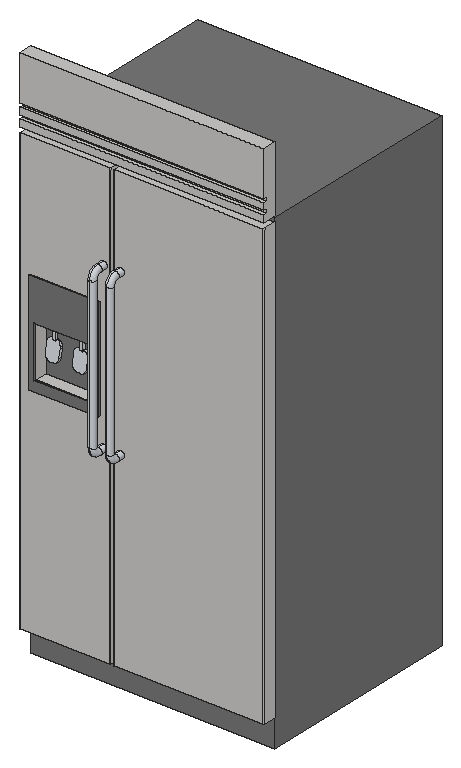
Revit family
Parameters (values of type "36" x 70"")
  Unit_Width = 2' - 11 3/4"
  Unit_Height = 5' - 9 1/2"
  Unit_Depth = 2' - 8 1/2"
  URL = "\r\n"
  Cover_Height = 0' - 10"
  Rigth_Door_width = 1' - 10"
  Model = ""
  Manufacturer = ""
  Label = "REF."
  Door_Height = Unit_Height - Base_Height - 0' 1"  # 5' - 5"
  Description = ""
  Bottom_of_dispenser = 3' - 0"
  Base_Height = 0' - 3 1/2"
  Assembly Code = ""
  Material = Metal - Stainless Steel
Reference planes (in)
  plane 1 "Center (Front/Back)": y = -1.5778
  plane 2 "Bottom": z = -2
  plane 3 "Center (Left/Right)": x = 0.15083
  plane 4 "Top": z = 69.5
  plane 5 "Bottom_of_Dispenser": z = 36
  plane 6 "Base height": z = 3.5
  plane 7 "Bottom_of_door": z = 4
  plane 8 "Front": y = -17.8278
  plane 9 "Left": x = -17.72417
  plane 10 "Right": x = 18.02583
  plane 11 "Right_Door_Width": x = -3.97417
  plane 12 "Left_Door_Edge": x = -4.47417
  plane 13 "Dispenser_Center_LR": x = -11.09917
  plane 14 "Top_of_cover": z = 79.5
  plane 15 "Back": y = 14.6722
  plane 16 "Left Handle": x = -5.47417
  plane 17 "Right Handle": x = -2.97417
Forms (in)
  Extrusion 1, solid, material "High Gloss Black"
    sketch origin (0, 0, 0) x (1, 0, 0) y (0, 1, 0)
      loop
        line (-17.72417, 14.6722) -> (-17.72417, -15.8278) -> (18.02583, -15.8278) -> (18.02583, 14.6722) -> (-17.72417, 14.6722)
    from 0 to 69.5 <- "Unit_Height"
  Extrusion 2, solid, material "Metal - Stainless Steel"
    sketch origin (0, 0, 4) x (0, -1, 0) y (1, 0, 0)
      loop
        line (15.8278, -3.97417) -> (17.7028, -3.97417)
        arc (17.7028, -3.97417) -> (17.79118, -3.93756) -> (17.8278, -3.84917) r 0.125
        line (17.8278, -3.84917) -> (17.8278, 17.90083)
        arc (17.8278, 17.90083) -> (17.79118, 17.98921) -> (17.7028, 18.02583) r 0.125
        line (17.7028, 18.02583) -> (15.8278, 18.02583) -> (15.8278, -3.97417)
    from 0 to 65 <- "Door_Height"
  Extrusion 3, solid, material "Metal - Stainless Steel"
    sketch origin (-18.91678, 0, 4) x (0, -1, 0) y (1, 0, 0)
      loop
        line (15.8278, 1.19261) -> (17.7028, 1.19261)
        arc (17.7028, 1.19261) -> (17.79118, 1.22922) -> (17.8278, 1.31761) r 0.125
        line (17.8278, 1.31761) -> (17.8278, 14.31761)
        arc (17.8278, 14.31761) -> (17.79118, 14.40599) -> (17.7028, 14.44261) r 0.125
        line (17.7028, 14.44261) -> (15.8278, 14.44261) -> (15.8278, 1.19261)
    from 0 to 65 <- "Door_Height"
  Extrusion 4, void
    sketch origin (-19.125, -17.8278, 48) x (1, 0, 0) y (0, 0, 1)
      loop
        line (3.67288, -2.9405) -> (3.67288, -10.60623) -> (12.37878, -10.60623) -> (12.37878, -2.9405) -> (3.67288, -2.9405)
    from 0.25 to -2.73466
  Extrusion 5, solid, material "High Gloss Black"
    sketch origin (-19.125, -17.8278, 48) x (-1, 0, 0) y (0, 0, 1)
      loop
        line (-2.94184, 3.05271) -> (-13.10981, 3.05271) -> (-13.10981, -12) -> (-2.94184, -12) -> (-2.94184, 3.05271)
    from 6.6072 to -0.25
  Extrusion 6, solid, material "Metal - Stainless Steel"
    sketch origin (18.02583, 0, 0) x (0, -1, 0) y (0, 0, 1)
      loop
        line (15.8278, 69.75239) -> (17.8278, 69.75239) -> (17.8278, 70.86741) -> (17.3278, 70.86741) -> (17.3278, 71.42491) -> (17.8278, 71.42491) -> (17.8278, 72.40055) -> (17.3278, 72.40055) -> (17.3278, 72.95806) -> (17.8278, 72.95806) -> (17.8278, 79.5) -> (15.8278, 79.5) -> (15.8278, 69.75239)
    from 0 to 35.75 <- "Unit_Width"
  Sweep 7, solid
    path origin (-5.47417, 0, 0) x (0, 0, 1) y (0, -1, 0)
      loop
        line (56, 17.8278) -> (56, 18.8278)
        arc (56, 18.8278) -> (55.70711, 19.5349) -> (55, 19.8278) r 1
        line (55, 19.8278) -> (33, 19.8278)
        arc (33, 19.8278) -> (32.29289, 19.5349) -> (32, 18.8278) r 1
        line (32, 18.8278) -> (32, 17.8278)
    profile origin (-5.47417, -18.3278, 56) x (0, 0, -1) y (1, 0, 0)
      loop
        circle (0, 0) r 0.5
  Sweep 8, solid
    path origin (-2.97417, 0, 0) x (0, 0, 1) y (0, -1, 0)
      loop
        line (56, 17.8278) -> (56, 18.8278)
        arc (56, 18.8278) -> (55.70711, 19.5349) -> (55, 19.8278) r 1
        line (55, 19.8278) -> (33, 19.8278)
        arc (33, 19.8278) -> (32.29289, 19.5349) -> (32, 18.8278) r 1
        line (32, 18.8278) -> (32, 17.8278)
    profile origin (-2.97417, -18.3278, 56) x (0, 0, -1) y (1, 0, 0)
      loop
        circle (0, 0) r 0.5
Cuts and joins
  Extrusion 4 cuts Extrusion 5
  Extrusion 4 cuts Extrusion 3
Lines and regions (in)
  model lines, style "0"
    curve 1: line (18.02583, 14.6722, 0) -> (-17.72417, 14.6722, 0)
    curve 2: line (-17.72417, 14.6722, 0) -> (-17.72417, -15.8278, 0)
    curve 3: line (-17.72417, -15.8278, 0) -> (-17.59917, -15.8278, 0)
    curve 4: line (-17.59917, -15.8278, 0) -> (17.90083, -15.8278, 0)
    curve 5: line (17.90083, -15.8278, 0) -> (18.02583, -15.8278, 0)
    curve 6: line (18.02583, -15.8278, 0) -> (17.90083, -15.8278, 0)
    curve 7: line (-17.59917, -15.8278, 0) -> (-17.72417, -15.8278, 0)
    curve 8: line (-17.72417, -15.8278, 0) -> (-17.72417, 14.6722, 0)
    curve 9: line (-17.72417, 14.6722, 0) -> (18.02583, 14.6722, 0)
    curve 10: line (18.02583, 14.6722, 0) -> (18.02583, -15.8278, 0)
    curve 11: line (18.02583, -15.8278, 0) -> (18.02583, 14.6722, 0)
    curve 12: line (-17.59917, -15.8278, 0) -> (17.90083, -15.8278, 0)
Dimensions and locks (in)
  locked: plane 7 "Bottom_of_door" to plane 6 "Base height" at 0.5
  "Unit_Width": plane 9 "Left" to plane 10 "Right"
  equal spacing: plane 9 "Left", plane 3 "Center (Left/Right)", plane 10 "Right"
  "Rigth_Door_width": plane 11 "Right_Door_Width" to plane 10 "Right"
  locked: plane 12 "Left_Door_Edge" to plane 11 "Right_Door_Width" at 0.5
  equal spacing: plane 9 "Left", plane 13 "Dispenser_Center_LR", plane 12 "Left_Door_Edge"
  equal spacing: cut or joined group of Extrusion 4, Extrusion 5, plane 13 "Dispenser_Center_LR", cut or joined group of Extrusion 4, Extrusion 5  (x2)
  locked: cut or joined group of Extrusion 4, Extrusion 5 to cut or joined group of Extrusion 4, Extrusion 5 at 10.16797
  locked: cut or joined group of Extrusion 4, Extrusion 5 to cut or joined group of Extrusion 4, Extrusion 5 at 8.7059
  locked: plane 4 "Top" to Extrusion 6 sketch curve at 0.25239
  "Unit_Depth": plane 15 "Back" to plane 8 "Front"
  equal spacing: plane 15 "Back", plane 1 "Center (Front/Back)", plane 8 "Front"
  locked: plane 8 "Front" to Extrusion 1 at 2
  locked: cut or joined group of Extrusion 4, Extrusion 5 to plane 5 "Bottom_of_Dispenser" at 1.39377
  "Cover_Height": plane 4 "Top" to plane 14 "Top_of_cover"
  locked: nested 2 to plane 5 "Bottom_of_Dispenser" at 9
  locked: nested 2 to plane 8 "Front" at 0.61017
  "Unit_Height": plane 4 "Top" to level
  "Base_Height": plane 6 "Base height" to level
  locked: plane 13 "Dispenser_Center_LR" to nested 2 at 2
  locked: nested 3 to plane 13 "Dispenser_Center_LR" at 2
  "Bottom_of_dispenser": plane 5 "Bottom_of_Dispenser" to level
  locked: plane 12 "Left_Door_Edge" to plane 16 "Left Handle" at 1
  locked: plane 17 "Right Handle" to plane 11 "Right_Door_Width" at 1
  locked: Sweep 7 sketch curve to level at 32
  locked: Sweep 7 sketch curve to Sweep 7 sketch curve at 24
  locked: Sweep 8 sketch curve to level at 32
  locked: Sweep 8 sketch curve to Sweep 8 sketch curve at 24
  aligned and locked: plane 3 "Center (Left/Right)" to nested 1
  aligned and locked: plane 1 "Center (Front/Back)" to nested 1
  aligned and locked: plane 11 "Right_Door_Width" to Extrusion 2 sketch curve
  aligned and locked: Extrusion 2 sketch curve to plane 10 "Right"
  aligned and locked: plane 12 "Left_Door_Edge" to Extrusion 3 sketch curve
  aligned and locked: Extrusion 3 sketch curve to plane 9 "Left"
  aligned and locked: Extrusion 1 sketch curve to plane 9 "Left"
  aligned and locked: plane 10 "Right" to Extrusion 1 sketch curve
  aligned and locked: plane 14 "Top_of_cover" to Extrusion 6
  aligned and locked: Extrusion 1 sketch curve to plane 15 "Back"
  aligned and locked: plane 8 "Front" to Extrusion 3 sketch curve
  aligned and locked: Extrusion 3 sketch curve to Extrusion 1
  aligned and locked: plane 8 "Front" to Extrusion 2 sketch curve
  aligned and locked: Extrusion 2 sketch curve to Extrusion 6
  aligned and locked: plane 5 "Bottom_of_Dispenser" to cut or joined group of Extrusion 4, Extrusion 5
  aligned and locked: nested 3 to nested 2  (x2)
Automatic sketch dimensions
  curve 8 to plane 9 "Left" = 0' - 0"
  curve 9 to plane 10 "Right" = 0' - 0"
  curve 9 to plane 15 "Back" = 0' - 0"
  curve 12 to plane 9 "Left" = 0' - 0 1/8"
  curve 6 to curve 5 = 0' - 0 1/8"
  plane 8 "Front" to curve 10 = 0' - 2"
  plane 8 "Front" to Extrusion 1 sketch curve = 0' - 2"
  plane 8 "Front" to Extrusion 2 sketch curve = 0' - 0 1/8"  (x2)
  Extrusion 3 sketch curve to Extrusion 3 sketch curve = 0' - 0 1/8"
  plane 8 "Front" to Extrusion 3 sketch curve = 0' - 0 1/8"
  Extrusion 4 sketch curve to plane 9 "Left" = 0' - 2.27205"
  Extrusion 4 sketch curve to plane 12 "Left_Door_Edge" = 0' - 2.27205"
  Extrusion 4 sketch curve to plane 5 "Bottom_of_Dispenser" = 0' - 1.39377"
  Extrusion 4 sketch curve to Extrusion 4 sketch curve = 0' - 7.66573"
  Extrusion 5 sketch curve to plane 5 "Bottom_of_Dispenser" = 0' - 0"
  Extrusion 5 sketch curve to plane 5 "Bottom_of_Dispenser" = 1' - 3.05271"
  Extrusion 6 sketch curve to plane 14 "Top_of_cover" = 0' - 0"
  Extrusion 6 sketch curve to plane 8 "Front" = 0' - 0"  (x3)
  Extrusion 6 sketch curve to Extrusion 6 sketch curve = 0' - 0 1/2"  (x2)
  Extrusion 6 sketch curve to Extrusion 6 sketch curve = 0' - 1 1/2"
  Extrusion 6 sketch curve to Extrusion 6 sketch curve = 0' - 1.11502"
  Extrusion 6 sketch curve to Extrusion 6 sketch curve = 0' - 0.5575"  (x2)
  Extrusion 6 sketch curve to Extrusion 6 sketch curve = 0' - 0.97564"
  plane 13 "Dispenser_Center_LR" to Extrusion 5 sketch curve = 0' - 5.08398"
  Extrusion 5 sketch curve to plane 13 "Dispenser_Center_LR" = 0' - 5.08398"
  Sweep 7 sketch curve to plane 8 "Front" = 0' - 0"  (x2)
  Sweep 7 sketch curve to plane 8 "Front" = 0' - 2"
  Sweep 7 sketch curve to Sweep 7 sketch curve = 0' - 1"  (x2)
  Sweep 7 sketch curve to plane 16 "Left Handle" = 0' - 0"
  Sweep 7 sketch curve to profile plane = 0' - 0"
  Sweep 8 sketch curve to plane 8 "Front" = 0' - 0"  (x2)
  Sweep 8 sketch curve to plane 8 "Front" = 0' - 1"  (x2)
  Sweep 8 sketch curve to Sweep 8 sketch curve = 0' - 1"
  Sweep 8 sketch curve to plane 17 "Right Handle" = 0' - 0"
  Sweep 8 sketch curve to profile plane = 0' - 0"
  radius of Sweep 7 sketch curve = 0' - 0 1/2"
  radius of Sweep 8 sketch curve = 0' - 0 1/2"
Nested families (in)
  nested 1: "Label Annotation 3-32" at (0.15083, -1.5778, 0), type "Label Annotation 3-32", detail levels medium+fine
  nested 2: "Fridge_Dispenser_paddle" at (-13.09917, -17.21763, 45), type "Fridge_Dispenser_paddle"
  nested 3: "Fridge_Dispenser_paddle" at (-9.09917, -17.21763, 45), type "Fridge_Dispenser_paddle"
Definition of nested family "Fridge_Dispenser_paddle"
  Reference planes (in)
    plane 1 "Center (Front/Back)": y = 0
    plane 2: z = 0
    plane 3 "Center (Left/Right)": x = 0
  Forms (in)
    Extrusion 1, solid
      sketch origin (2.0857, -1.6942, 0.02751) x (0, 1, 0) y (0, 0, 1)
        loop
          line (1.83403, -0.02751) -> (1.55437, -0.02751) -> (1.55437, -1.77905) -> (1.83403, -1.77905) -> (1.83403, -0.02751)
      from -2.3357 to -1.8357
    Extrusion 2, solid
      sketch origin (-38.56513, -0.21806, -2.21135) x (0, 0.147503, 0.989062) y (-1, 0, 0)
        loop
          arc (0.71555, -38.31513) -> (0.49588, -37.7848) -> (-0.03445, -37.56513) r 0.75
          line (-0.03445, -37.56513) -> (-1.49363, -37.56513)
          arc (-1.49363, -37.56513) -> (-2.02396, -37.7848) -> (-2.24363, -38.31513) r 0.75
          line (-2.24363, -38.31513) -> (-2.24363, -38.81513)
          arc (-2.24363, -38.81513) -> (-2.02396, -39.34546) -> (-1.49363, -39.56513) r 0.75
          line (-1.49363, -39.56513) -> (-0.03445, -39.56513)
          arc (-0.03445, -39.56513) -> (0.49588, -39.34546) -> (0.71555, -38.81513) r 0.75
          line (0.71555, -38.81513) -> (0.71555, -38.31513)
      from 0 to -0.25
  Dimensions and locks (in)
    aligned: level to Extrusion 1
Definition of nested family "Label Annotation 3-32"
  Parameters
    Label = ""
  Reference planes (in)
    plane 1: y = 0
    plane 2: x = 0
  Text (in)
    label "Label" at (0.00375, -0.00345, 0), shows "Label"
